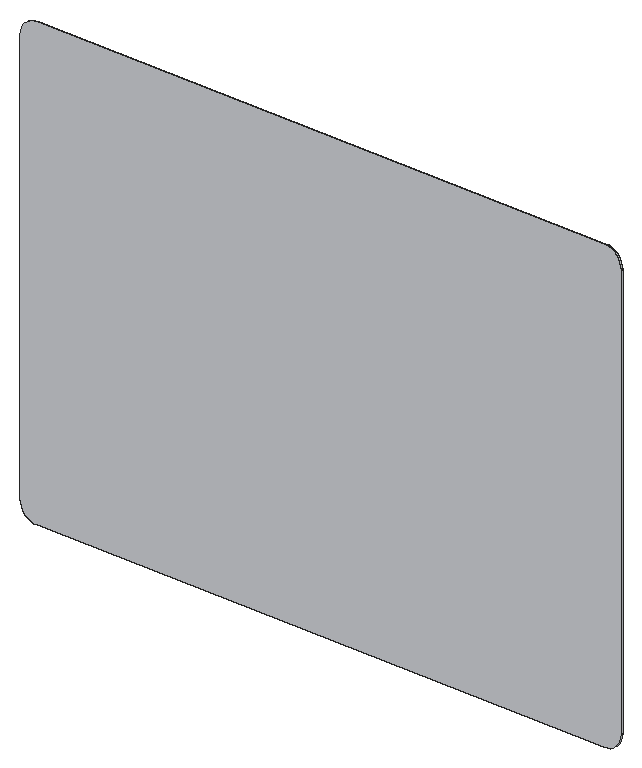
Revit family "AX6866-360X480P_0008", category Appareils sanitaires, Revit 2016
Family settings
  Hôte = Mur
  Type d'élément = Normal
  Cote de connecteur circulaire = Utiliser le diamètre
  Numéro OmniClass = 23.75.00.00
  Titre OmniClass = Climate Control (HVAC)
  Toujours verticalement = Oui
  Couper avec des vides une fois chargée = Non
  Partagée = Non
  Point de calcul de pièce = Non
Parameters (values of type "Type 1")
  URL = "https://www.axeuro.com/fr/miroirs-incassables-tout-en-inox/25331-miroir-a-coins-arrondis-ax6866-360x480p.html?search_query=ax6866-360x480p&results=1"
  Type de produit / Type of product = "Miroir incassable / Shatterproof mirror"  # constant formula
  Référence / Reference = "AX6866-360X480P"  # constant formula
  Model = ""
  Manufacturer = ""
  Entreprise / Company = "Axeuro"  # constant formula
  Description = ""
Reference planes
  plane 1 "Mur": y = 0
  plane 2 "Centre (gauche/droite)": x = 0
  plane 3 "Arrière": y = 75
Forms (mm)
  Extrusion 1, solid
    sketch origin (-1050.934, 75.817, -360) x (1, 0, 0) y (0, 0, 1)
      loop
        line (810.744, 1477.404) -> (810.744, 1145.404)
        arc (810.744, 1145.404) -> (814.845, 1135.505) -> (824.744, 1131.404) r 14
        line (824.744, 1131.404) -> (1277.123, 1131.404)
        arc (1277.123, 1131.404) -> (1287.023, 1135.505) -> (1291.123, 1145.404) r 14
        line (1291.123, 1145.404) -> (1291.123, 1477.404)
        arc (1291.123, 1477.404) -> (1287.023, 1487.304) -> (1277.123, 1491.404) r 14
        line (1277.123, 1491.404) -> (824.744, 1491.404)
        arc (824.744, 1491.404) -> (814.845, 1487.304) -> (810.744, 1477.404) r 14
    from 0 to 0.817
Text (mm)
  text "Côté de la mise en place" at (-1820.995, 1116.779, 0), in view "Niveau de réf."
  text "Côté de la mise en place" at (0, 1334.055, 2976.191), in view "Gauche"
  text "Côté de la mise en place" at (0, 439.194, 2944.362), in view "Droite"
Dimensions and locks
  locked: plane 3 "Arrière" to host wall
  aligned and locked: plane 1 "Mur" to host wall
